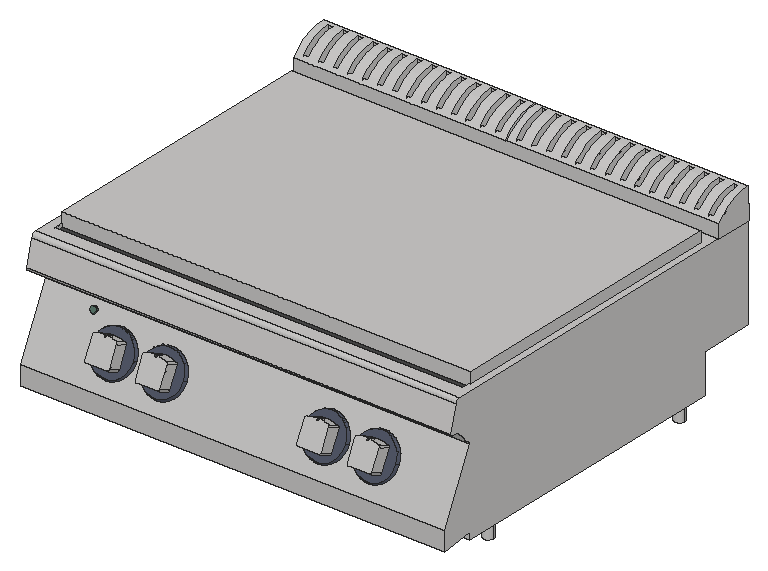
Revit family "QF_ZANUSSI_372028_Z7HOEH4000", category Specialty Equipment, Revit 2018
Family settings
  Round Connector Dimension = Use Diameter
  Part Type = Normal
  Work Plane-Based = No
  Always vertical = Yes
  Cut with Voids When Loaded = No
  Shared = No
  Room Calculation Point = No
Parameters
  Width = 800 mm  # constant formula
  Weight in Pounds = 198  # constant formula
  Weight = 0.00 kg
  Watts = 10000 W  # constant formula
  Volts = 400 V  # constant formula
  URL Manufacturer = "http://www.zanussiprofessional.com"
  URL Cutsheet = "www.electrolux.com/foodservice"
  URL = "http://www.zanussiprofessional.com"
  Type Mark [instance] = ""
  Steam Supply Size = 0"
  Steam Supply Minimum Pressure = 0.00 psi
  Steam Supply Maximum Pressure = 0.00 psi
  Steam Pounds per Hour = 0
  Status [instance] = ""
  Specification by User [instance] = ""
  Specification by Manufacturer = ""
  Show Logo [instance] = yes
  Show Clearance [instance] = yes
  Serial Number = ""
  Seismic Rating = ""
  SMACNA No = ""
  Revision Code [instance] = ""
  Refrigeration Suction Line Size = 0"
  Refrigeration Liquid Line Size = 0"
  Refrigerant Compressor Remote = yes
  Phase = 3  # constant formula
  Omniclass Number and Title = ""
  Number of Poles [instance] = 1
  NAFEM Spec ID Number = ""
  Model = "Z7HOEH4000"
  Min Ckt Ampacity = 0 A
  Max Overcurrent Protection = 0 A
  Masterspec = ""
  Manufacturer = "Zanussi"
  Length Actual = 800 mm  # constant formula
  Item Number [instance] = "372028"
  Installed By [instance] = ""
  Identify Quantity as Lot [instance] = yes
  Hot Water Size = 0"
  Height Actual = 250 mm  # constant formula
  Height = 332 mm  # constant formula
  HP = "13.4 HP"
  Gas Size = 0"
  Gas KW = 0
  Gas Input = 0.0 Btu/h
  Furnished By [instance] = ""
  Foodservice Equipment Identifier [instance] = yes
  FL Amps = 0 A
  Electrical Remarks [instance] = "400 V/3N ph/50/60 Hz"  # constant formula
  Electric Connection Type [instance] = ""
  Elec Conn RI Height [instance] = 0 mm
  Elec Conn Connection Height [instance] = 0 mm
  Direct Waste Size = 0"
  Description = "ELECTRIC HOB COOKING TOP 800 MM"
  Depth Actual = 700 mm  # constant formula
  Depth = 715 mm  # constant formula
  Cycle = if([60 Hertz Option], 60 Hz, 50 Hz)  # 60 Hz
  Conn Plug = ""
  Conn Conduit = yes
  Condensate Return Size = 0"
  Compressed Air Volume = 0 GPM
  Compressed Air Size = 0"
  Compressed Air Pressure = 0.00 psi
  Cold Water Size = 0"
  CSI MasterFormat = ""
  CSI Master Format = ""
  Base Height [instance] = 24 mm  # constant formula
  Apparent Power = if(Phase = 3, Volts * FL Amps * 1.73, Volts * FL Amps)  # 0 VA
  Accessory = yes
  60 Hertz Option = not([50 Hertz Option])  # yes
  50 Hertz Option = no
Reference planes
  plane 1 "BACK": y = 0
  plane 2: z = 0
  plane 3 "LEFT": x = 0
  plane 4 "RIGHT": x = 800
  plane 5 "FRONT": y = -715
  plane 6 "TOP": z = 332
  plane 7 "Center Y": x = 400
  plane 8 "Center X": y = -357.5
  plane 9 "BASE": z = 24
  plane 10 "TOP A": z = 274
  plane 11: y = -597.884
  plane 12: y = -147.637
  plane 13: y = -700
  plane 14 "panel": through (-6096, -715, 63.746) normal (0, 0.8956, -0.4448)
Forms (mm)
  Extrusion 1, solid, material "QF_Finishes_Stainless Steel"
    sketch origin (0, 0, 0) x (0, 1, 0) y (0, 0, 1)
      loop
        line (0, 98) -> (0, 274) -> (-679.358, 274)
        arc (-679.358, 274) -> (-684.643, 271.811) -> (-686.833, 266.526) r 7.474
        line (-686.833, 266.526) -> (-699.884, 221.011)
        arc (-699.884, 221.011) -> (-699.396, 218.379) -> (-697, 217.184) r 3
        line (-697, 217.184) -> (-686.802, 217.184) -> (-654.982, 185.364) -> (-715, 64.508) -> (-715, 29.508) -> (-658.645, 37.428)
        arc (-658.645, 37.428) -> (-656.101, 36.674) -> (-655, 34.259) r 3.2
        line (-655, 34.259) -> (-655, 24) -> (-103, 24) -> (-103, 98) -> (0, 98)
    from 0 to 800
  Extrusion 2, void
    sketch origin (0, 0, 274) x (-1, 0, 0) y (0, -1, 0)
      loop
        line (-15, 93.262) -> (-15, 653.262) -> (-785.019, 653.262) -> (-785.019, 93.262) -> (-15, 93.262)
    from 0 to -6.35
  Extrusion 3, solid, material "QF_Finishes_Stainless Steel"
    sketch origin (0, 0, 0) x (1, 0, 0) y (0, 1, 0)
      loop
        circle (11.112, -147.638) r 9.525
      loop
        circle (11.112, -597.884) r 9.525
      loop
        circle (788.887, -147.638) r 9.525
      loop
        circle (788.887, -597.884) r 9.525
    from 0 to 24
  Extrusion 4, solid, material "QF_Finishes_Stainless Steel"
    sketch origin (11.5, -101.6, 101.788) x (0, 0, -1) y (-1, 0, 0)
      loop
        circle (43.882, -736.5) r 12.7
    from -1.4 to 12.7
  Extrusion 5, solid, material "QF_Finishes_Clearance", visible <- "Show Clearance", detail levels coarse
    sketch origin (0, 0, 0) x (1, 0, 0) y (0, 1, 0)
      loop
        line (0, -715) -> (0, 0) -> (800, 0) -> (800, -715) -> (950.019, -715) -> (950.019, 150.019) -> (-150.019, 150.019) -> (-150.019, -715) -> (0, -715)
    from 0 to 332
  Extrusion 6, solid, material "QF_Finishes_Stainless Steel"
    sketch origin (0, 0, 267.65) x (-1, 0, 0) y (0, -1, 0)
      loop
        line (-15, 93.262) -> (-15, 635.002) -> (-785.019, 635.002) -> (-785.019, 93.262) -> (-15, 93.262)
    from 0 to 25.4
  Extrusion 7, solid, material "QF_Finishes_Stainless Steel"
    sketch origin (0, 0, -1.4) x (0, 1, 0) y (0, 0, 1)
      loop
        line (0, 275.4) -> (0, 334.138)
        arc (0, 334.138) -> (-38.879, 325.754) -> (-69.85, 300.8) r 86.156
        line (-69.85, 300.8) -> (-69.85, 275.4) -> (0, 275.4)
    from 0 to 800.1
  Extrusion 8, void
    sketch origin (0, 0, 273.238) x (-1, 0, 0) y (0, -1, 0)
      loop
        line (-13.453, 6.761) -> (-13.453, 63.911) -> (-22.749, 63.911) -> (-22.749, 6.761) -> (-13.453, 6.761)
    from 25.4 to 63.5
  Extrusion 9, void
    sketch origin (361.95, 0, 273.238) x (-1, 0, 0) y (0, -1, 0)
      loop
        line (-13.453, 6.761) -> (-13.453, 63.911) -> (-22.749, 63.911) -> (-22.749, 6.761) -> (-13.453, 6.761)
    from 25.4 to 63.5
  Extrusion 10, void
    sketch origin (27.842, 0, 273.238) x (-1, 0, 0) y (0, -1, 0)
      loop
        line (-13.453, 6.761) -> (-13.453, 63.911) -> (-22.749, 63.911) -> (-22.749, 6.761) -> (-13.453, 6.761)
    from 25.4 to 63.5
  Extrusion 11, void
    sketch origin (55.685, 0, 273.238) x (-1, 0, 0) y (0, -1, 0)
      loop
        line (-13.453, 6.761) -> (-13.453, 63.911) -> (-22.749, 63.911) -> (-22.749, 6.761) -> (-13.453, 6.761)
    from 25.4 to 63.5
  Extrusion 12, void
    sketch origin (83.527, 0, 273.238) x (-1, 0, 0) y (0, -1, 0)
      loop
        line (-13.453, 6.761) -> (-13.453, 63.911) -> (-22.749, 63.911) -> (-22.749, 6.761) -> (-13.453, 6.761)
    from 25.4 to 63.5
  Extrusion 13, void
    sketch origin (111.369, 0, 273.238) x (-1, 0, 0) y (0, -1, 0)
      loop
        line (-13.453, 6.761) -> (-13.453, 63.911) -> (-22.749, 63.911) -> (-22.749, 6.761) -> (-13.453, 6.761)
    from 25.4 to 63.5
  Extrusion 14, void
    sketch origin (139.212, 0, 273.238) x (-1, 0, 0) y (0, -1, 0)
      loop
        line (-13.453, 6.761) -> (-13.453, 63.911) -> (-22.749, 63.911) -> (-22.749, 6.761) -> (-13.453, 6.761)
    from 25.4 to 63.5
  Extrusion 15, void
    sketch origin (167.054, 0, 273.238) x (-1, 0, 0) y (0, -1, 0)
      loop
        line (-13.453, 6.761) -> (-13.453, 63.911) -> (-22.749, 63.911) -> (-22.749, 6.761) -> (-13.453, 6.761)
    from 25.4 to 63.5
  Extrusion 16, void
    sketch origin (194.896, 0, 273.238) x (-1, 0, 0) y (0, -1, 0)
      loop
        line (-13.453, 6.761) -> (-13.453, 63.911) -> (-22.749, 63.911) -> (-22.749, 6.761) -> (-13.453, 6.761)
    from 25.4 to 63.5
  Extrusion 17, void
    sketch origin (222.738, 0, 273.238) x (-1, 0, 0) y (0, -1, 0)
      loop
        line (-13.453, 6.761) -> (-13.453, 63.911) -> (-22.749, 63.911) -> (-22.749, 6.761) -> (-13.453, 6.761)
    from 25.4 to 63.5
  Extrusion 18, void
    sketch origin (250.581, 0, 273.238) x (-1, 0, 0) y (0, -1, 0)
      loop
        line (-13.453, 6.761) -> (-13.453, 63.911) -> (-22.749, 63.911) -> (-22.749, 6.761) -> (-13.453, 6.761)
    from 25.4 to 63.5
  Extrusion 19, void
    sketch origin (278.423, 0, 273.238) x (-1, 0, 0) y (0, -1, 0)
      loop
        line (-13.453, 6.761) -> (-13.453, 63.911) -> (-22.749, 63.911) -> (-22.749, 6.761) -> (-13.453, 6.761)
    from 25.4 to 63.5
  Extrusion 20, void
    sketch origin (306.265, 0, 273.238) x (-1, 0, 0) y (0, -1, 0)
      loop
        line (-13.453, 6.761) -> (-13.453, 63.911) -> (-22.749, 63.911) -> (-22.749, 6.761) -> (-13.453, 6.761)
    from 25.4 to 63.5
  Extrusion 21, void
    sketch origin (334.108, 0, 273.238) x (-1, 0, 0) y (0, -1, 0)
      loop
        line (-13.453, 6.761) -> (-13.453, 63.911) -> (-22.749, 63.911) -> (-22.749, 6.761) -> (-13.453, 6.761)
    from 25.4 to 63.5
  Extrusion 22, void
    sketch origin (800.1, 0, 273.238) x (1, 0, 0) y (0, 1, 0)
      loop
        line (-13.453, -6.761) -> (-22.749, -6.761) -> (-22.749, -63.911) -> (-13.453, -63.911) -> (-13.453, -6.761)
    from 25.4 to 63.5
  Extrusion 23, void
    sketch origin (438.15, 0, 273.238) x (1, 0, 0) y (0, 1, 0)
      loop
        line (-13.453, -6.761) -> (-22.749, -6.761) -> (-22.749, -63.911) -> (-13.453, -63.911) -> (-13.453, -6.761)
    from 25.4 to 63.5
  Extrusion 24, void
    sketch origin (772.258, 0, 273.238) x (1, 0, 0) y (0, 1, 0)
      loop
        line (-13.453, -6.761) -> (-22.749, -6.761) -> (-22.749, -63.911) -> (-13.453, -63.911) -> (-13.453, -6.761)
    from 25.4 to 63.5
  Extrusion 25, void
    sketch origin (744.415, 0, 273.238) x (1, 0, 0) y (0, 1, 0)
      loop
        line (-13.453, -6.761) -> (-22.749, -6.761) -> (-22.749, -63.911) -> (-13.453, -63.911) -> (-13.453, -6.761)
    from 25.4 to 63.5
  Extrusion 26, void
    sketch origin (716.573, 0, 273.238) x (1, 0, 0) y (0, 1, 0)
      loop
        line (-13.453, -6.761) -> (-22.749, -6.761) -> (-22.749, -63.911) -> (-13.453, -63.911) -> (-13.453, -6.761)
    from 25.4 to 63.5
  Extrusion 27, void
    sketch origin (688.731, 0, 273.238) x (1, 0, 0) y (0, 1, 0)
      loop
        line (-13.453, -6.761) -> (-22.749, -6.761) -> (-22.749, -63.911) -> (-13.453, -63.911) -> (-13.453, -6.761)
    from 25.4 to 63.5
  Extrusion 28, void
    sketch origin (660.888, 0, 273.238) x (1, 0, 0) y (0, 1, 0)
      loop
        line (-13.453, -6.761) -> (-22.749, -6.761) -> (-22.749, -63.911) -> (-13.453, -63.911) -> (-13.453, -6.761)
    from 25.4 to 63.5
  Extrusion 29, void
    sketch origin (633.046, 0, 273.238) x (1, 0, 0) y (0, 1, 0)
      loop
        line (-13.453, -6.761) -> (-22.749, -6.761) -> (-22.749, -63.911) -> (-13.453, -63.911) -> (-13.453, -6.761)
    from 25.4 to 63.5
  Extrusion 30, void
    sketch origin (605.204, 0, 273.238) x (1, 0, 0) y (0, 1, 0)
      loop
        line (-13.453, -6.761) -> (-22.749, -6.761) -> (-22.749, -63.911) -> (-13.453, -63.911) -> (-13.453, -6.761)
    from 25.4 to 63.5
  Extrusion 31, void
    sketch origin (577.362, 0, 273.238) x (1, 0, 0) y (0, 1, 0)
      loop
        line (-13.453, -6.761) -> (-22.749, -6.761) -> (-22.749, -63.911) -> (-13.453, -63.911) -> (-13.453, -6.761)
    from 25.4 to 63.5
  Extrusion 32, void
    sketch origin (549.519, 0, 273.238) x (1, 0, 0) y (0, 1, 0)
      loop
        line (-13.453, -6.761) -> (-22.749, -6.761) -> (-22.749, -63.911) -> (-13.453, -63.911) -> (-13.453, -6.761)
    from 25.4 to 63.5
  Extrusion 33, void
    sketch origin (521.677, 0, 273.238) x (1, 0, 0) y (0, 1, 0)
      loop
        line (-13.453, -6.761) -> (-22.749, -6.761) -> (-22.749, -63.911) -> (-13.453, -63.911) -> (-13.453, -6.761)
    from 25.4 to 63.5
  Extrusion 34, void
    sketch origin (493.835, 0, 273.238) x (1, 0, 0) y (0, 1, 0)
      loop
        line (-13.453, -6.761) -> (-22.749, -6.761) -> (-22.749, -63.911) -> (-13.453, -63.911) -> (-13.453, -6.761)
    from 25.4 to 63.5
  Extrusion 35, void
    sketch origin (465.992, 0, 273.238) x (1, 0, 0) y (0, 1, 0)
      loop
        line (-13.453, -6.761) -> (-22.749, -6.761) -> (-22.749, -63.911) -> (-13.453, -63.911) -> (-13.453, -6.761)
    from 25.4 to 63.5
  Extrusion 36, void
    sketch origin (418.151, 0, 273.238) x (1, 0, 0) y (0, 1, 0)
      loop
        line (-16.513, 0) -> (-19.688, 0) -> (-19.688, -69.85) -> (-16.513, -69.85) -> (-16.513, 0)
    from 25.4 to 63.5
  Blend 37, solid, material "QF_Finishes_Navy Blue"
    base sketch origin (552.5, -684.991, 124.174) x (1, 0, 0) y (0, 0.444781, 0.895639)
      loop
        circle (0, 0) r 42.5
    top sketch origin (552.5, -684.991, 124.174) x (1, 0, 0) y (0, 0.444781, 0.895639)
      loop
        circle (0, 0) r 40.5
    from 0 to 5
  Extrusion 38, solid, material "QF_Finishes_Stainless Steel"
    sketch origin (152.5, -684.991, 124.174) x (1, 0, 0) y (0, 0.444781, 0.895639)
      loop
        arc (-21.147, 22.789) -> (-22.494, 21.685) -> (-23, 20.019) r 2.997
        line (-23, 20.019) -> (-23, -20.019)
        arc (-23, -20.019) -> (-22.122, -22.138) -> (-20.003, -23.016) r 2.997
        line (-20.003, -23.016) -> (20.003, -23.016)
        arc (20.003, -23.016) -> (22.122, -22.138) -> (23, -20.019) r 2.997
        line (23, -20.019) -> (23, 20.019)
        arc (23, 20.019) -> (22.494, 21.685) -> (21.147, 22.789) r 2.997
        arc (21.147, 22.789) -> (0, 26.984) -> (-21.147, 22.789) r 55.4
    from 10 to 34
  Extrusion 39, solid, material "QF_Plastic-Black-Matte"
    sketch origin (232.5, -684.991, 124.174) x (0, 0.444781, 0.895639) y (0, -0.895639, 0.444781)
      loop
        line (26.984, 34) -> (26.984, 19) -> (27.984, 19) -> (27.984, 34)
        arc (27.984, 34) -> (27.691, 34.707) -> (26.984, 35) r 1
        line (26.984, 35) -> (23.984, 35) -> (23.984, 34) -> (26.984, 34)
    from -81 to -79
  Extrusion 40, solid, material "QF_Finishes_DarkGreen"
    sketch origin (152.5, -662.752, 168.956) x (1, 0, 0) y (0, 0.444781, 0.895639)
      loop
        circle (-55.001, 0) r 6
    from 0 to 1.6
  Extrusion 41, solid, material "QF_Finishes_Stainless Steel"
    sketch origin (152.5, -684.991, 124.174) x (1, 0, 0) y (0, 0.444781, 0.895639)
      loop
        line (17.5, 17.5) -> (-17.5, 17.5) -> (-17.5, -17.5) -> (17.5, -17.5) -> (17.5, 17.5)
    from 5 to 10
  Blend 42, solid, material "QF_Finishes_Navy Blue"
    base sketch origin (647.5, -684.991, 124.174) x (1, 0, 0) y (0, 0.444781, 0.895639)
      loop
        circle (0, 0) r 42.5
    top sketch origin (647.5, -684.991, 124.174) x (1, 0, 0) y (0, 0.444781, 0.895639)
      loop
        circle (0, 0) r 40.5
    from 0 to 5
  Extrusion 43, solid, material "QF_Finishes_Stainless Steel"
    sketch origin (247.5, -684.991, 124.174) x (1, 0, 0) y (0, 0.444781, 0.895639)
      loop
        arc (-21.147, 22.789) -> (-22.494, 21.685) -> (-23, 20.019) r 2.997
        line (-23, 20.019) -> (-23, -20.019)
        arc (-23, -20.019) -> (-22.122, -22.138) -> (-20.003, -23.016) r 2.997
        line (-20.003, -23.016) -> (20.003, -23.016)
        arc (20.003, -23.016) -> (22.122, -22.138) -> (23, -20.019) r 2.997
        line (23, -20.019) -> (23, 20.019)
        arc (23, 20.019) -> (22.494, 21.685) -> (21.147, 22.789) r 2.997
        arc (21.147, 22.789) -> (0, 26.984) -> (-21.147, 22.789) r 55.4
    from 10 to 34
  Extrusion 44, solid, material "QF_Finishes_Stainless Steel"
    sketch origin (247.5, -684.991, 124.174) x (1, 0, 0) y (0, 0.444781, 0.895639)
      loop
        line (17.5, 17.5) -> (-17.5, 17.5) -> (-17.5, -17.5) -> (17.5, -17.5) -> (17.5, 17.5)
    from 5 to 10
  Extrusion 45, solid, material "QF_Plastic-Black-Matte"
    sketch origin (212.5, -684.991, 124.174) x (0, 0.444781, 0.895639) y (0, 0.895639, -0.444781)
      loop
        line (26.984, -34) -> (23.984, -34) -> (23.984, -35) -> (26.984, -35)
        arc (26.984, -35) -> (27.691, -34.707) -> (27.984, -34) r 1
        line (27.984, -34) -> (27.984, -19) -> (26.984, -19) -> (26.984, -34)
    from -36 to -34
  Blend 46, solid, material "QF_Finishes_Navy Blue"
    base sketch origin (152.5, -684.991, 124.174) x (1, 0, 0) y (0, 0.444781, 0.895639)
      loop
        circle (0, 0) r 42.5
    top sketch origin (152.5, -684.991, 124.174) x (1, 0, 0) y (0, 0.444781, 0.895639)
      loop
        circle (0, 0) r 40.5
    from 0 to 5
  Blend 47, solid, material "QF_Finishes_Navy Blue"
    base sketch origin (247.5, -684.991, 124.174) x (1, 0, 0) y (0, 0.444781, 0.895639)
      loop
        circle (0, 0) r 42.5
    top sketch origin (247.5, -684.991, 124.174) x (1, 0, 0) y (0, 0.444781, 0.895639)
      loop
        circle (0, 0) r 40.5
    from 0 to 5
  Extrusion 48, solid, material "QF_Finishes_Stainless Steel"
    sketch origin (552.5, -684.991, 124.174) x (1, 0, 0) y (0, 0.444781, 0.895639)
      loop
        arc (-21.147, 22.789) -> (-22.494, 21.685) -> (-23, 20.019) r 2.997
        line (-23, 20.019) -> (-23, -20.019)
        arc (-23, -20.019) -> (-22.122, -22.138) -> (-20.003, -23.016) r 2.997
        line (-20.003, -23.016) -> (20.003, -23.016)
        arc (20.003, -23.016) -> (22.122, -22.138) -> (23, -20.019) r 2.997
        line (23, -20.019) -> (23, 20.019)
        arc (23, 20.019) -> (22.494, 21.685) -> (21.147, 22.789) r 2.997
        arc (21.147, 22.789) -> (0, 26.984) -> (-21.147, 22.789) r 55.4
    from 10 to 34
  Extrusion 49, solid, material "QF_Finishes_Stainless Steel"
    sketch origin (552.5, -684.991, 124.174) x (1, 0, 0) y (0, 0.444781, 0.895639)
      loop
        line (17.5, 17.5) -> (-17.5, 17.5) -> (-17.5, -17.5) -> (17.5, -17.5) -> (17.5, 17.5)
    from 5 to 10
  Extrusion 50, solid, material "QF_Finishes_Stainless Steel"
    sketch origin (647.5, -684.991, 124.174) x (1, 0, 0) y (0, 0.444781, 0.895639)
      loop
        arc (-21.147, 22.789) -> (-22.494, 21.685) -> (-23, 20.019) r 2.997
        line (-23, 20.019) -> (-23, -20.019)
        arc (-23, -20.019) -> (-22.122, -22.138) -> (-20.003, -23.016) r 2.997
        line (-20.003, -23.016) -> (20.003, -23.016)
        arc (20.003, -23.016) -> (22.122, -22.138) -> (23, -20.019) r 2.997
        line (23, -20.019) -> (23, 20.019)
        arc (23, 20.019) -> (22.494, 21.685) -> (21.147, 22.789) r 2.997
        arc (21.147, 22.789) -> (0, 26.984) -> (-21.147, 22.789) r 55.4
    from 10 to 34
  Extrusion 51, solid, material "QF_Finishes_Stainless Steel"
    sketch origin (647.5, -684.991, 124.174) x (1, 0, 0) y (0, 0.444781, 0.895639)
      loop
        line (17.5, 17.5) -> (-17.5, 17.5) -> (-17.5, -17.5) -> (17.5, -17.5) -> (17.5, 17.5)
    from 5 to 10
  Extrusion 52, solid, material "QF_Plastic-Black-Matte"
    sketch origin (232.5, -684.991, 124.174) x (0, 0.444781, 0.895639) y (0, -0.895639, 0.444781)
      loop
        line (26.984, 34) -> (26.984, 19) -> (27.984, 19) -> (27.984, 34)
        arc (27.984, 34) -> (27.691, 34.707) -> (26.984, 35) r 1
        line (26.984, 35) -> (23.984, 35) -> (23.984, 34) -> (26.984, 34)
    from 321 to 319
  Extrusion 53, solid, material "QF_Plastic-Black-Matte"
    sketch origin (212.5, -684.991, 124.174) x (0, 0.444781, 0.895639) y (0, 0.895639, -0.444781)
      loop
        line (26.984, -34) -> (23.984, -34) -> (23.984, -35) -> (26.984, -35)
        arc (26.984, -35) -> (27.691, -34.707) -> (27.984, -34) r 1
        line (27.984, -34) -> (27.984, -19) -> (26.984, -19) -> (26.984, -34)
    from -436 to -434
Cuts and joins
  Extrusion 2, Extrusion 8, Extrusion 9, Extrusion 10, Extrusion 11, Extrusion 12, Extrusion 13, Extrusion 14, Extrusion 15, Extrusion 16, Extrusion 17, Extrusion 18, Extrusion 19, Extrusion 20, Extrusion 21, Extrusion 22, Extrusion 23, Extrusion 24, Extrusion 25, Extrusion 26, Extrusion 27, Extrusion 28, Extrusion 29, Extrusion 30, Extrusion 31, Extrusion 32, Extrusion 33, Extrusion 34, Extrusion 35, Extrusion 36 cuts Extrusion 1
  Extrusion 8 cuts Extrusion 5
  Extrusion 8, Extrusion 9, Extrusion 10, Extrusion 11, Extrusion 12, Extrusion 13, Extrusion 14, Extrusion 15, Extrusion 16, Extrusion 17, Extrusion 18, Extrusion 19, Extrusion 20, Extrusion 21, Extrusion 22, Extrusion 23, Extrusion 24, Extrusion 25, Extrusion 26, Extrusion 27, Extrusion 28, Extrusion 29, Extrusion 30, Extrusion 31, Extrusion 32, Extrusion 33, Extrusion 34, Extrusion 35, Extrusion 36 cuts Extrusion 7
Lines and regions (mm)
  Split face 1
    outline origin (552.401, -689.469, 126.397) x (1, 0, 0) y (0, 0.444781, 0.895639)
      loop
        line (-8.901, 38.561) -> (-8.901, 28.561) -> (-2.901, 28.561) -> (-2.901, 38.561) -> (-8.901, 38.561)
  Split face 2
    outline origin (552.401, -689.469, 126.397) x (1, 0, 0) y (0, 0.444781, 0.895639)
      loop
        line (-8.401, 38.061) -> (-8.401, 29.061) -> (-3.401, 29.061) -> (-3.401, 38.061) -> (-8.401, 38.061)
  Split face 3
    outline origin (552.401, -689.469, 126.397) x (1, 0, 0) y (0, 0.444781, 0.895639)
      loop
        line (-8.401, 34.061) -> (-3.401, 34.061)
  Split face 4
    outline origin (552.401, -689.469, 126.397) x (1, 0, 0) y (0, 0.444781, 0.895639)
      loop
        line (-8.401, 33.561) -> (-3.401, 33.561)
  Split face 5
    outline origin (552.401, -689.469, 126.397) x (1, 0, 0) y (0, 0.444781, 0.895639)
      loop
        circle (-5.901, 31.311) r 2.029
  Split face 6
    outline origin (552.5, -689.469, 126.397) x (0, -0.444781, -0.895639) y (1, 0, 0)
      loop
        circle (-34, 0) r 1.5
  Split face 7
    outline origin (647.5, -689.469, 126.397) x (0, -0.444781, -0.895639) y (1, 0, 0)
      loop
        circle (-34, 0) r 1.5
  Split face 8
    outline origin (641.5, -689.469, 126.397) x (1, 0, 0) y (0, 0.444781, 0.895639)
      loop
        line (-3, 38.561) -> (-3, 28.561) -> (3, 28.561) -> (3, 38.561) -> (-3, 38.561)
  Split face 9
    outline origin (641.5, -689.469, 126.397) x (1, 0, 0) y (0, 0.444781, 0.895639)
      loop
        line (-2.5, 38.061) -> (-2.5, 29.061) -> (2.5, 29.061) -> (2.5, 38.061) -> (-2.5, 38.061)
  Split face 10
    outline origin (641.5, -689.469, 126.397) x (1, 0, 0) y (0, 0.444781, 0.895639)
      loop
        line (-2.5, 33.561) -> (2.5, 33.561)
  Split face 11
    outline origin (641.5, -689.469, 126.397) x (1, 0, 0) y (0, 0.444781, 0.895639)
      loop
        line (-2.5, 33.061) -> (2.5, 33.061)
  Split face 12
    outline origin (641.5, -689.469, 126.397) x (1, 0, 0) y (0, 0.444781, 0.895639)
      loop
        circle (0, 35.811) r 2.031
  Split face 13
    outline origin (552.5, -689.469, 126.397) x (0.5, 0.385192, 0.775646) y (-0.866025, 0.222391, 0.44782)
      loop
        circle (-34, 0) r 1.5
  Split face 14
    outline origin (552.5, -689.469, 126.397) x (0.766044, -0.2859, -0.575706) y (0.642788, 0.340722, 0.686099)
      loop
        circle (-34, 0) r 1.5
  Split face 15
    outline origin (552.5, -689.469, 126.397) x (0.984808, 0.077235, 0.155526) y (-0.173648, 0.438024, 0.882032)
      loop
        circle (-34, 0) r 1.5
  Split face 16
    outline origin (552.5, -689.469, 126.397) x (0.984808, 0.077235, 0.155526) y (0.173648, -0.438024, -0.882032)
      loop
        circle (31.95, 11.629) r 1.5
  Split face 17
    outline origin (552.5, -689.469, 126.397) x (-0.5, 0.385192, 0.775646) y (0.866025, 0.222391, 0.44782)
      loop
        circle (-34, 0) r 1.5
  Split face 18
    outline origin (552.5, -689.469, 126.397) x (-0.766044, -0.2859, -0.575706) y (-0.642788, 0.340722, 0.686099)
      loop
        circle (-34, 0) r 1.5
  Split face 19
    outline origin (647.5, -689.469, 126.397) x (0.5, 0.385192, 0.775646) y (-0.866025, 0.222391, 0.44782)
      loop
        circle (-34, 0) r 1.5
  Split face 20
    outline origin (647.5, -689.469, 126.397) x (0.766044, -0.2859, -0.575706) y (0.642788, 0.340722, 0.686099)
      loop
        circle (-34, 0) r 1.5
  Split face 21
    outline origin (647.5, -689.469, 126.397) x (0.984808, 0.077235, 0.155526) y (-0.173648, 0.438024, 0.882032)
      loop
        circle (-34, 0) r 1.5
  Split face 22
    outline origin (647.5, -689.469, 126.397) x (-0.5, 0.385192, 0.775646) y (0.866025, 0.222391, 0.44782)
      loop
        circle (-34, 0) r 1.5
  Split face 23
    outline origin (647.5, -689.469, 126.397) x (-0.766044, -0.2859, -0.575706) y (-0.642788, 0.340722, 0.686099)
      loop
        circle (-34, 0) r 1.5
  Split face 24
    outline origin (647.5, -689.469, 126.397) x (-0.984808, 0.077235, 0.155526) y (0.173648, 0.438024, 0.882032)
      loop
        circle (-34, 0) r 1.5
  Split face 25
    outline origin (152.401, -689.469, 126.397) x (1, 0, 0) y (0, 0.444781, 0.895639)
      loop
        line (-8.901, 38.561) -> (-8.901, 28.561) -> (-2.901, 28.561) -> (-2.901, 38.561) -> (-8.901, 38.561)
  Split face 26
    outline origin (152.401, -689.469, 126.397) x (1, 0, 0) y (0, 0.444781, 0.895639)
      loop
        line (-8.401, 38.061) -> (-8.401, 29.061) -> (-3.401, 29.061) -> (-3.401, 38.061) -> (-8.401, 38.061)
  Split face 27
    outline origin (152.401, -689.469, 126.397) x (1, 0, 0) y (0, 0.444781, 0.895639)
      loop
        line (-8.401, 34.061) -> (-3.401, 34.061)
  Split face 28
    outline origin (152.401, -689.469, 126.397) x (1, 0, 0) y (0, 0.444781, 0.895639)
      loop
        line (-8.401, 33.561) -> (-3.401, 33.561)
  Split face 29
    outline origin (152.401, -689.469, 126.397) x (1, 0, 0) y (0, 0.444781, 0.895639)
      loop
        circle (-5.901, 31.311) r 2.029
  Split face 30
    outline origin (152.5, -689.469, 126.397) x (0, -0.444781, -0.895639) y (1, 0, 0)
      loop
        circle (-34, 0) r 1.5
  Split face 31
    outline origin (247.5, -689.469, 126.397) x (0, -0.444781, -0.895639) y (1, 0, 0)
      loop
        circle (-34, 0) r 1.5
  Split face 32
    outline origin (241.5, -689.469, 126.397) x (1, 0, 0) y (0, 0.444781, 0.895639)
      loop
        line (-3, 38.561) -> (-3, 28.561) -> (3, 28.561) -> (3, 38.561) -> (-3, 38.561)
  Split face 33
    outline origin (241.5, -689.469, 126.397) x (1, 0, 0) y (0, 0.444781, 0.895639)
      loop
        line (-2.5, 38.061) -> (-2.5, 29.061) -> (2.5, 29.061) -> (2.5, 38.061) -> (-2.5, 38.061)
  Split face 34
    outline origin (241.5, -689.469, 126.397) x (1, 0, 0) y (0, 0.444781, 0.895639)
      loop
        line (-2.5, 33.561) -> (2.5, 33.561)
  Split face 35
    outline origin (241.5, -689.469, 126.397) x (1, 0, 0) y (0, 0.444781, 0.895639)
      loop
        line (-2.5, 33.061) -> (2.5, 33.061)
  Split face 36
    outline origin (241.5, -689.469, 126.397) x (1, 0, 0) y (0, 0.444781, 0.895639)
      loop
        circle (0, 35.811) r 2.031
  Split face 37
    outline origin (152.5, -689.469, 126.397) x (0.5, 0.385192, 0.775646) y (-0.866025, 0.222391, 0.44782)
      loop
        circle (-34, 0) r 1.5
  Split face 38
    outline origin (152.5, -689.469, 126.397) x (0.766044, -0.2859, -0.575706) y (0.642788, 0.340722, 0.686099)
      loop
        circle (-34, 0) r 1.5
  Split face 39
    outline origin (152.5, -689.469, 126.397) x (0.984808, 0.077235, 0.155526) y (-0.173648, 0.438024, 0.882032)
      loop
        circle (-34, 0) r 1.5
  Split face 40
    outline origin (152.5, -689.469, 126.397) x (0.984808, 0.077235, 0.155526) y (0.173648, -0.438024, -0.882032)
      loop
        circle (31.95, 11.629) r 1.5
  Split face 41
    outline origin (152.5, -689.469, 126.397) x (-0.5, 0.385192, 0.775646) y (0.866025, 0.222391, 0.44782)
      loop
        circle (-34, 0) r 1.5
  Split face 42
    outline origin (152.5, -689.469, 126.397) x (-0.766044, -0.2859, -0.575706) y (-0.642788, 0.340722, 0.686099)
      loop
        circle (-34, 0) r 1.5
  Split face 43
    outline origin (247.5, -689.469, 126.397) x (0.5, 0.385192, 0.775646) y (-0.866025, 0.222391, 0.44782)
      loop
        circle (-34, 0) r 1.5
  Split face 44
    outline origin (247.5, -689.469, 126.397) x (0.766044, -0.2859, -0.575706) y (0.642788, 0.340722, 0.686099)
      loop
        circle (-34, 0) r 1.5
  Split face 45
    outline origin (247.5, -689.469, 126.397) x (0.984808, 0.077235, 0.155526) y (-0.173648, 0.438024, 0.882032)
      loop
        circle (-34, 0) r 1.5
  Split face 46
    outline origin (247.5, -689.469, 126.397) x (-0.5, 0.385192, 0.775646) y (0.866025, 0.222391, 0.44782)
      loop
        circle (-34, 0) r 1.5
  Split face 47
    outline origin (247.5, -689.469, 126.397) x (-0.766044, -0.2859, -0.575706) y (-0.642788, 0.340722, 0.686099)
      loop
        circle (-34, 0) r 1.5
  Split face 48
    outline origin (247.5, -689.469, 126.397) x (-0.984808, 0.077235, 0.155526) y (0.173648, 0.438024, 0.882032)
      loop
        circle (-34, 0) r 1.5
  symbolic lines, style "QF-Clearances", visible <- "Show Clearance", detail levels coarse
    curve 1: line (-150.019, 150.019, 274) -> (-150.019, -716.377, 274)
    curve 2: line (950.019, 150.019, 274) -> (-150.019, 150.019, 274)
    curve 3: line (950.019, -716.377, 274) -> (950.019, 150.019, 274)
  symbolic lines
    curve 4: line (0, 0, 274) -> (800, 0, 274)
    curve 5: line (0, -715, 274) -> (0, 0, 274)
    curve 6: line (800, 0, 274) -> (800, -715, 274)
    curve 7: line (31.725, -69.85, 274) -> (0, -69.85, 274)
    curve 8: line (0, -69.85, 274) -> (0, -120.65, 274)
    curve 9: line (0, -69.85, 274) -> (800, -69.85, 274)
    curve 10: line (15, -653.262, 267.65) -> (15, -93.262, 267.65)
    curve 11: line (15, -93.262, 267.65) -> (785.019, -93.262, 267.65)
    curve 12: line (785.019, -93.262, 267.65) -> (785.019, -653.262, 267.65)
    curve 13: line (785.019, -653.262, 267.65) -> (15, -653.262, 267.65)
    curve 14: line (13.453, -63.911, 266.888) -> (13.453, -6.761, 266.888)
    curve 15: line (13.453, -6.761, 266.888) -> (22.749, -6.761, 266.888)
    curve 16: line (22.749, -6.761, 266.888) -> (22.749, -63.911, 266.888)
    curve 17: line (22.749, -63.911, 266.888) -> (13.453, -63.911, 266.888)
    curve 18: line (375.403, -63.911, 266.887) -> (375.403, -6.761, 266.887)
    curve 19: line (375.403, -6.761, 266.887) -> (384.699, -6.761, 266.887)
    curve 20: line (384.699, -6.761, 266.887) -> (384.699, -63.911, 266.887)
    curve 21: line (384.699, -63.911, 266.887) -> (375.403, -63.911, 266.887)
    curve 22: line (41.295, -63.911, 266.888) -> (41.295, -6.761, 266.888)
    curve 23: line (41.295, -6.761, 266.888) -> (50.591, -6.761, 266.888)
    curve 24: line (50.591, -6.761, 266.888) -> (50.591, -63.911, 266.888)
    curve 25: line (50.591, -63.911, 266.888) -> (41.295, -63.911, 266.888)
    curve 26: line (69.137, -63.911, 266.888) -> (69.137, -6.761, 266.888)
    curve 27: line (69.137, -6.761, 266.888) -> (78.433, -6.761, 266.888)
    curve 28: line (78.433, -6.761, 266.888) -> (78.433, -63.911, 266.888)
    curve 29: line (78.433, -63.911, 266.888) -> (69.137, -63.911, 266.888)
    curve 30: line (96.98, -63.911, 266.888) -> (96.98, -6.761, 266.888)
    curve 31: line (96.98, -6.761, 266.888) -> (106.275, -6.761, 266.888)
    curve 32: line (106.275, -6.761, 266.888) -> (106.275, -63.911, 266.888)
    curve 33: line (106.275, -63.911, 266.888) -> (96.98, -63.911, 266.888)
    curve 34: line (124.822, -63.911, 266.888) -> (124.822, -6.761, 266.888)
    curve 35: line (124.822, -6.761, 266.888) -> (134.118, -6.761, 266.888)
    curve 36: line (134.118, -6.761, 266.888) -> (134.118, -63.911, 266.888)
    curve 37: line (134.118, -63.911, 266.888) -> (124.822, -63.911, 266.888)
    curve 38: line (152.664, -63.911, 266.888) -> (152.664, -6.761, 266.888)
    curve 39: line (152.664, -6.761, 266.888) -> (161.96, -6.761, 266.888)
    curve 40: line (161.96, -6.761, 266.888) -> (161.96, -63.911, 266.888)
    curve 41: line (161.96, -63.911, 266.888) -> (152.664, -63.911, 266.888)
    curve 42: line (180.507, -63.911, 266.888) -> (180.507, -6.761, 266.888)
    curve 43: line (180.507, -6.761, 266.888) -> (189.802, -6.761, 266.888)
    curve 44: line (189.802, -6.761, 266.888) -> (189.802, -63.911, 266.888)
    curve 45: line (189.802, -63.911, 266.888) -> (180.507, -63.911, 266.888)
    curve 46: line (208.349, -63.911, 266.888) -> (208.349, -6.761, 266.888)
    curve 47: line (208.349, -6.761, 266.888) -> (217.645, -6.761, 266.888)
    curve 48: line (217.645, -6.761, 266.888) -> (217.645, -63.911, 266.888)
    curve 49: line (217.645, -63.911, 266.888) -> (208.349, -63.911, 266.888)
    curve 50: line (236.191, -63.911, 266.888) -> (236.191, -6.761, 266.888)
    curve 51: line (236.191, -6.761, 266.888) -> (245.487, -6.761, 266.888)
    curve 52: line (245.487, -6.761, 266.888) -> (245.487, -63.911, 266.888)
    curve 53: line (245.487, -63.911, 266.888) -> (236.191, -63.911, 266.888)
    curve 54: line (264.034, -63.911, 266.888) -> (264.034, -6.761, 266.888)
    curve 55: line (264.034, -6.761, 266.888) -> (273.329, -6.761, 266.888)
    curve 56: line (273.329, -6.761, 266.888) -> (273.329, -63.911, 266.888)
    curve 57: line (273.329, -63.911, 266.888) -> (264.034, -63.911, 266.888)
    curve 58: line (291.876, -63.911, 266.888) -> (291.876, -6.761, 266.888)
    curve 59: line (291.876, -6.761, 266.888) -> (301.172, -6.761, 266.888)
    curve 60: line (301.172, -6.761, 266.888) -> (301.172, -63.911, 266.888)
    curve 61: line (301.172, -63.911, 266.888) -> (291.876, -63.911, 266.888)
    curve 62: line (319.718, -63.911, 266.888) -> (319.718, -6.761, 266.888)
    curve 63: line (319.718, -6.761, 266.888) -> (329.014, -6.761, 266.888)
    curve 64: line (329.014, -6.761, 266.888) -> (329.014, -63.911, 266.888)
    curve 65: line (329.014, -63.911, 266.888) -> (319.718, -63.911, 266.888)
    curve 66: line (347.561, -63.911, 266.888) -> (347.561, -6.761, 266.888)
    curve 67: line (347.561, -6.761, 266.888) -> (356.856, -6.761, 266.888)
    curve 68: line (356.856, -6.761, 266.888) -> (356.856, -63.911, 266.888)
    curve 69: line (356.856, -63.911, 266.888) -> (347.561, -63.911, 266.888)
    curve 70: line (786.547, -63.911, 266.888) -> (786.547, -6.761, 266.888)
    curve 71: line (786.547, -6.761, 266.888) -> (777.251, -6.761, 266.888)
    curve 72: line (777.251, -6.761, 266.888) -> (777.251, -63.911, 266.888)
    curve 73: line (777.251, -63.911, 266.888) -> (786.547, -63.911, 266.888)
    curve 74: line (424.597, -63.911, 266.887) -> (424.597, -6.761, 266.887)
    curve 75: line (424.597, -6.761, 266.887) -> (415.301, -6.761, 266.887)
    curve 76: line (415.301, -6.761, 266.887) -> (415.301, -63.911, 266.887)
    curve 77: line (415.301, -63.911, 266.887) -> (424.597, -63.911, 266.887)
    curve 78: line (758.705, -63.911, 266.888) -> (758.705, -6.761, 266.888)
    curve 79: line (758.705, -6.761, 266.888) -> (749.409, -6.761, 266.888)
    curve 80: line (749.409, -6.761, 266.888) -> (749.409, -63.911, 266.888)
    curve 81: line (749.409, -63.911, 266.888) -> (758.705, -63.911, 266.888)
    curve 82: line (730.863, -63.911, 266.888) -> (730.863, -6.761, 266.888)
    curve 83: line (730.863, -6.761, 266.888) -> (721.567, -6.761, 266.888)
    curve 84: line (721.567, -6.761, 266.888) -> (721.567, -63.911, 266.888)
    curve 85: line (721.567, -63.911, 266.888) -> (730.863, -63.911, 266.888)
    curve 86: line (703.02, -63.911, 266.888) -> (703.02, -6.761, 266.888)
    curve 87: line (703.02, -6.761, 266.888) -> (693.725, -6.761, 266.888)
    curve 88: line (693.725, -6.761, 266.888) -> (693.725, -63.911, 266.888)
    curve 89: line (693.725, -63.911, 266.888) -> (703.02, -63.911, 266.888)
    curve 90: line (675.178, -63.911, 266.888) -> (675.178, -6.761, 266.888)
    curve 91: line (675.178, -6.761, 266.888) -> (665.882, -6.761, 266.888)
    curve 92: line (665.882, -6.761, 266.888) -> (665.882, -63.911, 266.888)
    curve 93: line (665.882, -63.911, 266.888) -> (675.178, -63.911, 266.888)
    curve 94: line (647.336, -63.911, 266.888) -> (647.336, -6.761, 266.888)
    curve 95: line (647.336, -6.761, 266.888) -> (638.04, -6.761, 266.888)
    curve 96: line (638.04, -6.761, 266.888) -> (638.04, -63.911, 266.888)
    curve 97: line (638.04, -63.911, 266.888) -> (647.336, -63.911, 266.888)
    curve 98: line (619.493, -63.911, 266.888) -> (619.493, -6.761, 266.888)
    curve 99: line (619.493, -6.761, 266.888) -> (610.198, -6.761, 266.888)
    curve 100: line (610.198, -6.761, 266.888) -> (610.198, -63.911, 266.888)
    curve 101: line (610.198, -63.911, 266.888) -> (619.493, -63.911, 266.888)
    curve 102: line (591.651, -63.911, 266.888) -> (591.651, -6.761, 266.888)
    curve 103: line (591.651, -6.761, 266.888) -> (582.355, -6.761, 266.888)
    curve 104: line (582.355, -6.761, 266.888) -> (582.355, -63.911, 266.888)
    curve 105: line (582.355, -63.911, 266.888) -> (591.651, -63.911, 266.888)
    curve 106: line (563.809, -63.911, 266.888) -> (563.809, -6.761, 266.888)
    curve 107: line (563.809, -6.761, 266.888) -> (554.513, -6.761, 266.888)
    curve 108: line (554.513, -6.761, 266.888) -> (554.513, -63.911, 266.888)
    curve 109: line (554.513, -63.911, 266.888) -> (563.809, -63.911, 266.888)
    curve 110: line (535.966, -63.911, 266.888) -> (535.966, -6.761, 266.888)
    curve 111: line (535.966, -6.761, 266.888) -> (526.671, -6.761, 266.888)
    curve 112: line (526.671, -6.761, 266.888) -> (526.671, -63.911, 266.888)
    curve 113: line (526.671, -63.911, 266.888) -> (535.966, -63.911, 266.888)
    curve 114: line (508.124, -63.911, 266.888) -> (508.124, -6.761, 266.888)
    curve 115: line (508.124, -6.761, 266.888) -> (498.828, -6.761, 266.888)
    curve 116: line (498.828, -6.761, 266.888) -> (498.828, -63.911, 266.888)
    curve 117: line (498.828, -63.911, 266.888) -> (508.124, -63.911, 266.888)
    curve 118: line (480.282, -63.911, 266.888) -> (480.282, -6.761, 266.888)
    curve 119: line (480.282, -6.761, 266.888) -> (470.986, -6.761, 266.888)
    curve 120: line (470.986, -6.761, 266.888) -> (470.986, -63.911, 266.888)
    curve 121: line (470.986, -63.911, 266.888) -> (480.282, -63.911, 266.888)
    curve 122: line (452.439, -63.911, 266.888) -> (452.439, -6.761, 266.888)
    curve 123: line (452.439, -6.761, 266.888) -> (443.144, -6.761, 266.888)
    curve 124: line (443.144, -6.761, 266.888) -> (443.144, -63.911, 266.888)
    curve 125: line (443.144, -63.911, 266.888) -> (452.439, -63.911, 266.888)
    curve 126: line (401.638, -69.85, 266.887) -> (401.638, 0, 266.887)
    curve 127: line (398.463, 0, 266.887) -> (398.463, -69.85, 266.887)
    curve 128: line (0, -700, 0) -> (800, -700, 0)
    curve 129: line (129.5, -700, 0) -> (129.5, -724.347, 0)
    curve 130: arc (129.5, -724.347, 0) -> (129.646, -724.811, 0) -> (130.032, -725.107, 0) r 0.809
    curve 131: arc (130.032, -725.107, 0) -> (131.22, -725.587, 0) -> (132.497, -725.68, 0) r 4.127
    curve 132: arc (129.5, -704.292, 0) -> (124.459, -702.458, 0) -> (119.691, -700, 0) r 42.24
    curve 133: arc (129.5, -706.539, 0) -> (130.002, -705.818, 0) -> (130.799, -705.448, 0) r 1.682
    curve 134: arc (130.799, -705.448, 0) -> (141.102, -703.95, 0) -> (151.5, -703.441, 0) r 109.079
    curve 135: line (151.5, -700, 0) -> (151.5, -705.671, 0)
    curve 136: line (151.5, -705.671, 0) -> (153.5, -705.671, 0)
    curve 137: line (153.5, -705.671, 0) -> (153.5, -700, 0)
    curve 138: line (175.5, -700, 0) -> (175.5, -724.347, 0)
    curve 139: arc (175.5, -724.347, 0) -> (175.354, -724.811, 0) -> (174.968, -725.107, 0) r 0.809
    curve 140: arc (174.968, -725.107, 0) -> (173.78, -725.587, 0) -> (172.503, -725.68, 0) r 4.127
    curve 141: arc (175.5, -704.292, 0) -> (180.541, -702.458, 0) -> (185.309, -700, 0) r 42.24
    curve 142: arc (175.5, -706.539, 0) -> (174.998, -705.818, 0) -> (174.201, -705.448, 0) r 1.682
    curve 143: arc (174.201, -705.448, 0) -> (163.898, -703.95, 0) -> (153.5, -703.441, 0) r 109.079
    curve 144: line (132.497, -725.68, 0) -> (172.503, -725.68, 0)
    curve 145: line (270.5, -700, 0) -> (270.5, -724.347, 0)
    curve 146: arc (270.5, -724.347, 0) -> (270.354, -724.811, 0) -> (269.968, -725.107, 0) r 0.809
    curve 147: arc (269.968, -725.107, 0) -> (268.78, -725.587, 0) -> (267.503, -725.68, 0) r 4.127
    curve 148: arc (270.5, -704.292, 0) -> (275.541, -702.458, 0) -> (280.309, -700, 0) r 42.24
    curve 149: arc (270.5, -706.539, 0) -> (269.998, -705.818, 0) -> (269.201, -705.448, 0) r 1.682
    curve 150: arc (269.201, -705.448, 0) -> (258.898, -703.95, 0) -> (248.5, -703.441, 0) r 109.079
    curve 151: line (248.5, -700, 0) -> (248.5, -705.671, 0)
    curve 152: line (248.5, -705.671, 0) -> (246.5, -705.671, 0)
    curve 153: line (246.5, -705.671, 0) -> (246.5, -700, 0)
    curve 154: line (224.5, -700, 0) -> (224.5, -724.347, 0)
    curve 155: arc (224.5, -724.347, 0) -> (224.646, -724.811, 0) -> (225.032, -725.107, 0) r 0.809
    curve 156: arc (225.032, -725.107, 0) -> (226.22, -725.587, 0) -> (227.497, -725.68, 0) r 4.127
    curve 157: arc (224.5, -704.292, 0) -> (219.459, -702.458, 0) -> (214.691, -700, 0) r 42.24
    curve 158: arc (224.5, -706.539, 0) -> (225.002, -705.818, 0) -> (225.799, -705.448, 0) r 1.682
    curve 159: arc (225.799, -705.448, 0) -> (236.102, -703.95, 0) -> (246.5, -703.441, 0) r 109.079
    curve 160: line (267.503, -725.68, 0) -> (227.497, -725.68, 0)
    curve 161: line (175.5, -715, 0) -> (224.5, -715, 0)
    curve 162: line (270.5, -715, 0) -> (529.5, -715, 0)
    curve 163: line (0, -715, 0) -> (129.5, -715, 0)
    curve 164: line (529.5, -700, 0) -> (529.5, -724.347, 0)
    curve 165: arc (529.5, -724.347, 0) -> (529.646, -724.811, 0) -> (530.032, -725.107, 0) r 0.809
    curve 166: arc (530.032, -725.107, 0) -> (531.22, -725.587, 0) -> (532.497, -725.68, 0) r 4.127
    curve 167: arc (529.5, -704.292, 0) -> (524.459, -702.458, 0) -> (519.691, -700, 0) r 42.24
    curve 168: arc (529.5, -706.539, 0) -> (530.002, -705.818, 0) -> (530.799, -705.448, 0) r 1.682
    curve 169: arc (530.799, -705.448, 0) -> (541.102, -703.95, 0) -> (551.5, -703.441, 0) r 109.079
    curve 170: line (551.5, -700, 0) -> (551.5, -705.671, 0)
    curve 171: line (551.5, -705.671, 0) -> (553.5, -705.671, 0)
    curve 172: line (553.5, -705.671, 0) -> (553.5, -700, 0)
    curve 173: line (575.5, -700, 0) -> (575.5, -724.347, 0)
    curve 174: arc (575.5, -724.347, 0) -> (575.354, -724.811, 0) -> (574.968, -725.107, 0) r 0.809
    curve 175: arc (574.968, -725.107, 0) -> (573.78, -725.587, 0) -> (572.503, -725.68, 0) r 4.127
    curve 176: arc (575.5, -704.292, 0) -> (580.541, -702.458, 0) -> (585.309, -700, 0) r 42.24
    curve 177: arc (575.5, -706.539, 0) -> (574.998, -705.818, 0) -> (574.201, -705.448, 0) r 1.682
    curve 178: arc (574.201, -705.448, 0) -> (563.898, -703.95, 0) -> (553.5, -703.441, 0) r 109.079
    curve 179: line (532.497, -725.68, 0) -> (572.503, -725.68, 0)
    curve 180: line (670.5, -700, 0) -> (670.5, -724.347, 0)
    curve 181: arc (670.5, -724.347, 0) -> (670.354, -724.811, 0) -> (669.968, -725.107, 0) r 0.809
    curve 182: arc (669.968, -725.107, 0) -> (668.78, -725.587, 0) -> (667.503, -725.68, 0) r 4.127
    curve 183: arc (670.5, -704.292, 0) -> (675.541, -702.458, 0) -> (680.309, -700, 0) r 42.24
    curve 184: arc (670.5, -706.539, 0) -> (669.998, -705.818, 0) -> (669.201, -705.448, 0) r 1.682
    curve 185: arc (669.201, -705.448, 0) -> (658.898, -703.95, 0) -> (648.5, -703.441, 0) r 109.079
    curve 186: line (648.5, -700, 0) -> (648.5, -705.671, 0)
    curve 187: line (648.5, -705.671, 0) -> (646.5, -705.671, 0)
    curve 188: line (646.5, -705.671, 0) -> (646.5, -700, 0)
    curve 189: line (624.5, -700, 0) -> (624.5, -724.347, 0)
    curve 190: arc (624.5, -724.347, 0) -> (624.646, -724.811, 0) -> (625.032, -725.107, 0) r 0.809
    curve 191: arc (625.032, -725.107, 0) -> (626.22, -725.587, 0) -> (627.497, -725.68, 0) r 4.127
    curve 192: arc (624.5, -704.292, 0) -> (619.459, -702.458, 0) -> (614.691, -700, 0) r 42.24
    curve 193: arc (624.5, -706.539, 0) -> (625.002, -705.818, 0) -> (625.799, -705.448, 0) r 1.682
    curve 194: arc (625.799, -705.448, 0) -> (636.102, -703.95, 0) -> (646.5, -703.441, 0) r 109.079
    curve 195: line (667.503, -725.68, 0) -> (627.497, -725.68, 0)
    curve 196: line (575.5, -715, 0) -> (624.5, -715, 0)
    curve 197: line (670.5, -715, 0) -> (800.05, -715, 0)
Dimensions and locks
  equal spacing: plane 3 "LEFT", plane 7 "Center Y", plane 4 "RIGHT"
  "Width": plane 3 "LEFT" to plane 4 "RIGHT"
  equal spacing: plane 5 "FRONT", plane 8 "Center X", plane 1 "BACK"
  "Depth": plane 5 "FRONT" to plane 1 "BACK"
  "Height": plane 6 "TOP" to level
  "Base Height": plane 9 "BASE" to level
  plane 1 "BACK" to plane 5 "FRONT" = 715 mm
  plane 10 "TOP A" to plane 9 "BASE" = 250 mm
  plane 1 "BACK" to plane 13 = 700 mm
  aligned and locked: level to plane 2
  aligned and locked: plane 4 "RIGHT" to Extrusion 1
  aligned and locked: Extrusion 3 to plane 9 "BASE"
  aligned and locked: plane 6 "TOP" to Extrusion 5
Automatic sketch dimensions
  Extrusion 7 sketch curve to plane 10 "TOP A" = 0 mm
  Extrusion 7 sketch curve to plane 1 "BACK" = 0 mm
  plane 1 "BACK" to Extrusion 7 sketch curve = 1.769 mm
  plane 10 "TOP A" to Extrusion 7 sketch curve = 25.4 mm
  plane 1 "BACK" to Extrusion 7 sketch curve = 69.85 mm
  Extrusion 7 sketch curve to plane 10 "TOP A" = 27.4 mm
  plane 1 "BACK" to Extrusion 8 sketch curve = 6.761 mm
  plane 3 "LEFT" to Extrusion 8 sketch curve = 22.749 mm
  Extrusion 8 sketch curve to Extrusion 8 sketch curve = 9.296 mm
  Extrusion 8 sketch curve to Extrusion 8 sketch curve = 57.15 mm
  plane 1 "BACK" to Extrusion 9 sketch curve = 6.761 mm
  Extrusion 9 sketch curve to plane 7 "Center Y" = 15.301 mm
  Extrusion 9 sketch curve to Extrusion 9 sketch curve = 9.296 mm
  Extrusion 9 sketch curve to Extrusion 9 sketch curve = 57.15 mm
  plane 1 "BACK" to Extrusion 10 sketch curve = 6.761 mm
  plane 3 "LEFT" to Extrusion 10 sketch curve = 50.591 mm
  Extrusion 10 sketch curve to Extrusion 10 sketch curve = 9.296 mm
  Extrusion 10 sketch curve to Extrusion 10 sketch curve = 57.15 mm
  plane 1 "BACK" to Extrusion 11 sketch curve = 6.761 mm
  plane 3 "LEFT" to Extrusion 11 sketch curve = 78.433 mm
  Extrusion 11 sketch curve to Extrusion 11 sketch curve = 9.296 mm
  Extrusion 11 sketch curve to Extrusion 11 sketch curve = 57.15 mm
  plane 1 "BACK" to Extrusion 12 sketch curve = 6.761 mm
  plane 3 "LEFT" to Extrusion 12 sketch curve = 106.275 mm
  Extrusion 12 sketch curve to Extrusion 12 sketch curve = 9.296 mm
  Extrusion 12 sketch curve to Extrusion 12 sketch curve = 57.15 mm
  plane 1 "BACK" to Extrusion 13 sketch curve = 6.761 mm
  plane 3 "LEFT" to Extrusion 13 sketch curve = 134.118 mm
  Extrusion 13 sketch curve to Extrusion 13 sketch curve = 9.296 mm
  Extrusion 13 sketch curve to Extrusion 13 sketch curve = 57.15 mm
  plane 1 "BACK" to Extrusion 14 sketch curve = 6.761 mm
  plane 3 "LEFT" to Extrusion 14 sketch curve = 161.96 mm
  Extrusion 14 sketch curve to Extrusion 14 sketch curve = 9.296 mm
  Extrusion 14 sketch curve to Extrusion 14 sketch curve = 57.15 mm
  plane 1 "BACK" to Extrusion 15 sketch curve = 6.761 mm
  plane 3 "LEFT" to Extrusion 15 sketch curve = 189.802 mm
  Extrusion 15 sketch curve to Extrusion 15 sketch curve = 9.296 mm
  Extrusion 15 sketch curve to Extrusion 15 sketch curve = 57.15 mm
  plane 1 "BACK" to Extrusion 16 sketch curve = 6.761 mm
  Extrusion 16 sketch curve to plane 7 "Center Y" = 182.355 mm
  Extrusion 16 sketch curve to Extrusion 16 sketch curve = 9.296 mm
  Extrusion 16 sketch curve to Extrusion 16 sketch curve = 57.15 mm
  plane 1 "BACK" to Extrusion 17 sketch curve = 6.761 mm
  Extrusion 17 sketch curve to plane 7 "Center Y" = 154.513 mm
  Extrusion 17 sketch curve to Extrusion 17 sketch curve = 9.296 mm
  Extrusion 17 sketch curve to Extrusion 17 sketch curve = 57.15 mm
  plane 1 "BACK" to Extrusion 18 sketch curve = 6.761 mm
  Extrusion 18 sketch curve to plane 7 "Center Y" = 126.671 mm
  Extrusion 18 sketch curve to Extrusion 18 sketch curve = 9.296 mm
  Extrusion 18 sketch curve to Extrusion 18 sketch curve = 57.15 mm
  plane 1 "BACK" to Extrusion 19 sketch curve = 6.761 mm
  Extrusion 19 sketch curve to plane 7 "Center Y" = 98.828 mm
  Extrusion 19 sketch curve to Extrusion 19 sketch curve = 9.296 mm
  Extrusion 19 sketch curve to Extrusion 19 sketch curve = 57.15 mm
  plane 1 "BACK" to Extrusion 20 sketch curve = 6.761 mm
  Extrusion 20 sketch curve to plane 7 "Center Y" = 70.986 mm
  Extrusion 20 sketch curve to Extrusion 20 sketch curve = 9.296 mm
  Extrusion 20 sketch curve to Extrusion 20 sketch curve = 57.15 mm
  plane 1 "BACK" to Extrusion 21 sketch curve = 6.761 mm
  Extrusion 21 sketch curve to plane 7 "Center Y" = 43.144 mm
  Extrusion 21 sketch curve to Extrusion 21 sketch curve = 9.296 mm
  Extrusion 21 sketch curve to Extrusion 21 sketch curve = 57.15 mm
  Extrusion 23 sketch curve to plane 1 "BACK" = 6.761 mm
  Extrusion 23 sketch curve to plane 7 "Center Y" = 15.401 mm
  Extrusion 23 sketch curve to Extrusion 23 sketch curve = 9.296 mm
  Extrusion 23 sketch curve to Extrusion 23 sketch curve = 57.15 mm
  Extrusion 30 sketch curve to plane 1 "BACK" = 6.761 mm
  Extrusion 30 sketch curve to plane 7 "Center Y" = 182.455 mm
  Extrusion 30 sketch curve to Extrusion 30 sketch curve = 9.296 mm
  Extrusion 30 sketch curve to Extrusion 30 sketch curve = 57.15 mm
  Extrusion 31 sketch curve to plane 1 "BACK" = 6.761 mm
  Extrusion 31 sketch curve to plane 7 "Center Y" = 154.613 mm
  Extrusion 31 sketch curve to Extrusion 31 sketch curve = 9.296 mm
  Extrusion 31 sketch curve to Extrusion 31 sketch curve = 57.15 mm
  Extrusion 32 sketch curve to plane 1 "BACK" = 6.761 mm
  Extrusion 32 sketch curve to plane 7 "Center Y" = 126.771 mm
  Extrusion 32 sketch curve to Extrusion 32 sketch curve = 9.296 mm
  Extrusion 32 sketch curve to Extrusion 32 sketch curve = 57.15 mm
  Extrusion 33 sketch curve to plane 1 "BACK" = 6.761 mm
  Extrusion 33 sketch curve to plane 7 "Center Y" = 98.928 mm
  Extrusion 33 sketch curve to Extrusion 33 sketch curve = 9.296 mm
  Extrusion 33 sketch curve to Extrusion 33 sketch curve = 57.15 mm
  Extrusion 34 sketch curve to plane 1 "BACK" = 6.761 mm
  Extrusion 34 sketch curve to plane 7 "Center Y" = 71.086 mm
  Extrusion 34 sketch curve to Extrusion 34 sketch curve = 9.296 mm
  Extrusion 34 sketch curve to Extrusion 34 sketch curve = 57.15 mm
  Extrusion 35 sketch curve to plane 1 "BACK" = 6.761 mm
  Extrusion 35 sketch curve to plane 7 "Center Y" = 43.244 mm
  Extrusion 35 sketch curve to Extrusion 35 sketch curve = 9.296 mm
  Extrusion 35 sketch curve to Extrusion 35 sketch curve = 57.15 mm
  plane 1 "BACK" to Extrusion 36 sketch curve = 0 mm
  plane 7 "Center Y" to Extrusion 36 sketch curve = 1.537 mm
  Extrusion 36 sketch curve to plane 7 "Center Y" = 1.638 mm
  Extrusion 36 sketch curve to Extrusion 36 sketch curve = 69.85 mm
  plane 7 "Center Y" to Blend 37 sketch curve = 152.5 mm  (x2)
  plane 3 "LEFT" to Extrusion 38 sketch curve = 129.5 mm
  Extrusion 38 sketch curve to Extrusion 38 sketch curve = 2.997 mm  (x3)
  Extrusion 38 sketch curve to Extrusion 38 sketch curve = 20.003 mm  (x2)
  Extrusion 38 sketch curve to Extrusion 38 sketch curve = 40.005 mm
  Extrusion 38 sketch curve to Extrusion 38 sketch curve = 5.399 mm
  Extrusion 38 sketch curve to Extrusion 38 sketch curve = 40.037 mm
  Extrusion 38 sketch curve to Extrusion 38 sketch curve = 0 mm  (x2)
  Extrusion 39 sketch curve to plane 14 "panel" = 35 mm
  plane 13 to Extrusion 39 sketch curve = 5.671 mm
  Extrusion 39 sketch curve to Extrusion 39 sketch curve = 3 mm
  Extrusion 39 sketch curve to Extrusion 39 sketch curve = 0 mm  (x2)
  Extrusion 39 sketch curve to Extrusion 39 sketch curve = 1 mm
  Extrusion 39 sketch curve to Extrusion 39 sketch curve = 15 mm
  plane 3 "LEFT" to Extrusion 40 sketch curve = 97.499 mm
  plane 3 "LEFT" to Extrusion 41 sketch curve = 135 mm
  Extrusion 41 sketch curve to Extrusion 41 sketch curve = 35 mm  (x2)
  Split face 1 sketch curve to Split face 1 sketch curve = 6 mm
  Split face 1 sketch curve to Split face 1 sketch curve = 10 mm
  Split face 2 sketch curve to Split face 2 sketch curve = 5 mm
  Split face 2 sketch curve to Split face 2 sketch curve = 9 mm
  Split face 3 sketch curve to Split face 3 sketch curve = 5 mm
  Split face 4 sketch curve to Split face 4 sketch curve = 5 mm
  plane 7 "Center Y" to Blend 42 sketch curve = 247.5 mm  (x2)
  plane 3 "LEFT" to Extrusion 43 sketch curve = 224.5 mm
  Extrusion 43 sketch curve to Extrusion 43 sketch curve = 2.997 mm  (x3)
  plane 3 "LEFT" to Extrusion 43 sketch curve = 247.5 mm
  Extrusion 43 sketch curve to Extrusion 43 sketch curve = 20.003 mm
  plane 3 "LEFT" to Extrusion 43 sketch curve = 267.503 mm
  Extrusion 43 sketch curve to Extrusion 43 sketch curve = 5.399 mm
  Extrusion 43 sketch curve to Extrusion 43 sketch curve = 40.037 mm
  Extrusion 43 sketch curve to Extrusion 43 sketch curve = 0 mm  (x2)
  plane 3 "LEFT" to Extrusion 44 sketch curve = 230 mm
  plane 3 "LEFT" to Extrusion 44 sketch curve = 265 mm
  Extrusion 44 sketch curve to Extrusion 44 sketch curve = 35 mm
  Split face 8 sketch curve to Split face 8 sketch curve = 6 mm
  Split face 8 sketch curve to Split face 8 sketch curve = 10 mm
  Split face 9 sketch curve to Split face 9 sketch curve = 5 mm
  Split face 9 sketch curve to Split face 9 sketch curve = 9 mm
  Split face 10 sketch curve to Split face 10 sketch curve = 5 mm
  Split face 11 sketch curve to Split face 11 sketch curve = 5 mm
  Extrusion 45 sketch curve to plane 14 "panel" = 35 mm
  plane 13 to Extrusion 45 sketch curve = 5.671 mm
  Extrusion 45 sketch curve to Extrusion 45 sketch curve = 3 mm
  Extrusion 45 sketch curve to Extrusion 45 sketch curve = 0 mm
  Extrusion 45 sketch curve to Extrusion 45 sketch curve = 1 mm  (x2)
  Extrusion 45 sketch curve to Extrusion 45 sketch curve = 15 mm
  plane 3 "LEFT" to Blend 46 sketch curve = 152.5 mm  (x2)
  Split face 25 sketch curve to Split face 25 sketch curve = 6 mm
  Split face 25 sketch curve to Split face 25 sketch curve = 10 mm
  Split face 26 sketch curve to Split face 26 sketch curve = 5 mm
  Split face 26 sketch curve to Split face 26 sketch curve = 9 mm
  Split face 27 sketch curve to Split face 27 sketch curve = 5 mm
  Split face 28 sketch curve to Split face 28 sketch curve = 5 mm
  plane 3 "LEFT" to Blend 47 sketch curve = 247.5 mm  (x2)
  Split face 32 sketch curve to Split face 32 sketch curve = 6 mm
  Split face 32 sketch curve to Split face 32 sketch curve = 10 mm
  Split face 33 sketch curve to Split face 33 sketch curve = 5 mm
  Split face 33 sketch curve to Split face 33 sketch curve = 9 mm
  Split face 34 sketch curve to Split face 34 sketch curve = 5 mm
  Split face 35 sketch curve to Split face 35 sketch curve = 5 mm
  plane 7 "Center Y" to Extrusion 48 sketch curve = 129.5 mm
  Extrusion 48 sketch curve to Extrusion 48 sketch curve = 2.997 mm  (x3)
  Extrusion 48 sketch curve to Extrusion 48 sketch curve = 20.003 mm  (x2)
  Extrusion 48 sketch curve to Extrusion 48 sketch curve = 40.005 mm
  Extrusion 48 sketch curve to Extrusion 48 sketch curve = 5.399 mm
  Extrusion 48 sketch curve to Extrusion 48 sketch curve = 40.037 mm
  Extrusion 48 sketch curve to Extrusion 48 sketch curve = 0 mm  (x2)
  plane 7 "Center Y" to Extrusion 49 sketch curve = 135 mm
  Extrusion 49 sketch curve to Extrusion 49 sketch curve = 35 mm  (x2)
  plane 7 "Center Y" to Extrusion 50 sketch curve = 224.5 mm
  Extrusion 50 sketch curve to Extrusion 50 sketch curve = 2.997 mm  (x3)
  plane 7 "Center Y" to Extrusion 50 sketch curve = 247.5 mm
  Extrusion 50 sketch curve to Extrusion 50 sketch curve = 20.003 mm
  plane 7 "Center Y" to Extrusion 50 sketch curve = 267.503 mm
  Extrusion 50 sketch curve to Extrusion 50 sketch curve = 5.399 mm
  Extrusion 50 sketch curve to Extrusion 50 sketch curve = 40.037 mm
  Extrusion 50 sketch curve to Extrusion 50 sketch curve = 0 mm  (x2)
  plane 7 "Center Y" to Extrusion 51 sketch curve = 230 mm
  plane 7 "Center Y" to Extrusion 51 sketch curve = 265 mm
  Extrusion 51 sketch curve to Extrusion 51 sketch curve = 35 mm
